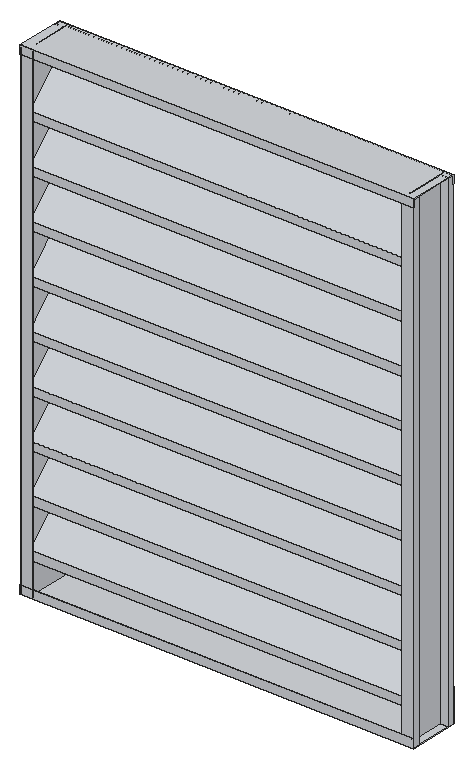
Revit family "SFL-6", category Mechanical Equipment, Revit 2015
Parameters
  URL = "https://unitedenertech.com/catalog/pdf/A_15%20SFL-6.pdf"
  Type Comments = "Max. Single Section Size is (96\"w x 72\"h)"
  Model = "SFL-6"
  Manufacturer = "United Enertech Corporation"
  Exact Width = 4' - 0"
  Exact Height = 5' - 0"
  Description = "6\" Fixed Steel Louver"
  Depth = 0' - 6.0956"
  Blade Spacing [instance] = 0' - 6"
  Blade Number [instance] = (Exact Height - 0' 6") / Blade Spacing  # 9
  BW [instance] = Exact Width - 0' 2 1/8"  # 3' - 9 7/8"
Reference planes (in)
  plane 1 "Center (Front/Back)": y = 0
  plane 2: z = 0
  plane 3 "Center (Left/Right)": x = 0
  plane 4: z = 30
  plane 5: z = 60
  plane 6: x = -24
  plane 7: x = 24
  plane 8: y = -6.0956
  plane 9: z = 0.0478
  plane 10: z = 59.9522
  plane 11: y = -6.0478
  plane 12: y = -6
Forms (in)
  Extrusion 1, solid
    sketch origin (46.49861, -55.54641, -15.25452) x (0, 1, 0) y (0, 0, 1)
      loop
        line (49.49861, 16.25452) -> (49.45081, 16.25452) -> (49.45081, 15.25452) -> (55.54641, 15.25452) -> (55.54641, 19.25452) -> (55.49861, 19.25452) -> (55.49861, 15.30232) -> (49.49861, 15.30232) -> (49.49861, 16.25452)
    from -70.49861 to -22.49861
  Extrusion 2, solid
    sketch origin (0, -23.64343, 27.14987) x (0, 1, 0) y (0, 0, 1)
      loop
        line (23.59563, 31.85013) -> (23.64343, 31.85013) -> (23.64343, 32.85013) -> (17.54783, 32.85013) -> (17.54783, 31.85013) -> (17.59563, 31.85013) -> (17.59563, 32.80233) -> (23.59563, 32.80233) -> (23.59563, 31.85013)
    from -24 to 24
  Extrusion 3, solid
    sketch origin (-47.18611, -18.38058, 0) x (1, 0, 0) y (0, 1, 0)
      loop
        line (24.68611, 12.33278) -> (24.68611, 12.38058) -> (23.23391, 12.38058) -> (23.23391, 13.03498) -> (24.23391, 13.03498) -> (24.23391, 17.63058) -> (23.23391, 17.63058) -> (23.23391, 18.28498) -> (24.68611, 18.28498) -> (24.68611, 18.33278) -> (23.18611, 18.33278) -> (23.18611, 17.58278) -> (24.18611, 17.58278) -> (24.18611, 13.08278) -> (23.18611, 13.08278) -> (23.18611, 12.33278) -> (24.68611, 12.33278)
    from 0.0478 to 59.9522
  Extrusion 4, solid
    sketch origin (47.18611, -18.38058, 0) x (-1, 0, 0) y (0, -1, 0)
      loop
        line (24.68611, -12.33278) -> (23.18611, -12.33278) -> (23.18611, -13.08278) -> (24.18611, -13.08278) -> (24.18611, -17.58278) -> (23.18611, -17.58278) -> (23.18611, -18.33278) -> (24.68611, -18.33278) -> (24.68611, -18.28498) -> (23.23391, -18.28498) -> (23.23391, -17.63058) -> (24.23391, -17.63058) -> (24.23391, -13.03498) -> (23.23391, -13.03498) -> (23.23391, -12.38058) -> (24.68611, -12.38058) -> (24.68611, -12.33278)
    from 0.0478 to 59.9522
Dimensions and locks (in)
  equal spacing: plane 5, plane 4, level
  "Exact Height": plane 5 to level
  equal spacing: plane 6, plane 3 "Center (Left/Right)", plane 7
  "Exact Width": plane 6 to plane 7
  "Depth": plane 8 to plane 1 "Center (Front/Back)"
  locked: plane 9 to level at 0.0478
  locked: plane 5 to plane 10 at 0.0478
  locked: plane 8 to plane 11 at 0.0478
  locked: plane 8 to plane 12 at 0.0956
  equal spacing: group 1, group 2, group 3, group 4, group 5, group 6, group 7, group 8, group 9  (x2)
  equal spacing: group 9, group 8, group 7, group 6, group 5, group 4, group 3, group 2, group 1
  "Blade Spacing": nested 2 to nested 1
  aligned and locked: level to plane 2
  aligned and locked: plane 6 to Extrusion 1
  aligned and locked: plane 7 to Extrusion 1
  aligned and locked: plane 5 to Extrusion 2
  aligned and locked: plane 6 to Extrusion 2
  aligned and locked: plane 7 to Extrusion 2
  aligned and locked: plane 6 to Extrusion 3
  aligned and locked: plane 7 to Extrusion 4
  aligned and locked: Extrusion 4 to plane 9
  aligned and locked: Extrusion 3 to plane 9
  aligned and locked: plane 10 to Extrusion 3
  aligned and locked: plane 10 to Extrusion 4
  aligned and locked: plane 3 "Center (Left/Right)" to nested 1
  aligned and locked: plane 10 to nested 1
  aligned and locked: plane 12 to nested 1
  aligned and locked: nested 2 to nested 1
Automatic sketch dimensions
  Extrusion 1 sketch curve to plane 8 = 0' - 0"
  Extrusion 1 sketch curve to plane 11 = 0' - 0"
  plane 9 to Extrusion 1 sketch curve = 0' - 0"
  Extrusion 1 sketch curve to level = 0' - 0"
  Extrusion 1 sketch curve to plane 1 "Center (Front/Back)" = 0' - 0"
  plane 1 "Center (Front/Back)" to Extrusion 1 sketch curve = 0' - 0.0478"
  plane 9 to Extrusion 1 sketch curve = 0' - 0.9522"
  plane 9 to Extrusion 1 sketch curve = 0' - 3.9522"
  Extrusion 2 sketch curve to plane 5 = 0' - 0"
  Extrusion 2 sketch curve to plane 8 = 0' - 0"
  Extrusion 2 sketch curve to plane 10 = 0' - 0"
  Extrusion 2 sketch curve to plane 11 = 0' - 0"
  Extrusion 2 sketch curve to plane 1 "Center (Front/Back)" = 0' - 0"
  Extrusion 2 sketch curve to Extrusion 2 sketch curve = 0' - 0.0478"
  Extrusion 2 sketch curve to plane 10 = 0' - 0.9522"  (x2)
  Extrusion 3 sketch curve to plane 6 = 0' - 0"  (x2)
  plane 11 to Extrusion 3 sketch curve = 0' - 0"
  Extrusion 3 sketch curve to plane 6 = 0' - 0.0478"  (x2)
  Extrusion 3 sketch curve to Extrusion 3 sketch curve = 0' - 0.9522"
  Extrusion 3 sketch curve to Extrusion 3 sketch curve = 0' - 0.0478"  (x5)
  plane 1 "Center (Front/Back)" to Extrusion 3 sketch curve = 0' - 0.0478"
  Extrusion 3 sketch curve to Extrusion 3 sketch curve = 0' - 0.4522"  (x2)
  Extrusion 3 sketch curve to plane 11 = 0' - 0.7022"
  plane 1 "Center (Front/Back)" to Extrusion 3 sketch curve = 0' - 0.7978"
  Extrusion 4 sketch curve to plane 7 = 0' - 0"  (x2)
  plane 11 to Extrusion 4 sketch curve = 0' - 0"
  plane 7 to Extrusion 4 sketch curve = 0' - 0.0478"  (x2)
  Extrusion 4 sketch curve to Extrusion 4 sketch curve = 0' - 0.9522"
  Extrusion 4 sketch curve to Extrusion 4 sketch curve = 0' - 0.0478"  (x5)
  Extrusion 4 sketch curve to plane 1 "Center (Front/Back)" = 0' - 0.0478"
  Extrusion 4 sketch curve to Extrusion 4 sketch curve = 0' - 0.4522"  (x2)
  plane 11 to Extrusion 4 sketch curve = 0' - 0.7022"
  Extrusion 4 sketch curve to plane 1 "Center (Front/Back)" = 0' - 0.7978"
Nested families (in)
  nested 1: "Blade" at (0, 2.8387, 49.95698), type "Blade"
    with BW 3' - 9 7/8"
  nested 2: "Blade" at (0, 2.8387, 43.95698), type "Blade"
    with BW 3' - 9 7/8"
  nested 3: "Blade" at (0, 2.8387, 37.95698), type "Blade"
    with BW 3' - 9 7/8"
  nested 4: "Blade" at (0, 2.8387, 31.95698), type "Blade"
    with BW 3' - 9 7/8"
  nested 5: "Blade" at (0, 2.8387, 25.95698), type "Blade"
    with BW 3' - 9 7/8"
  nested 6: "Blade" at (0, 2.8387, 19.95698), type "Blade"
    with BW 3' - 9 7/8"
  nested 7: "Blade" at (0, 2.8387, 13.95698), type "Blade"
    with BW 3' - 9 7/8"
  nested 8: "Blade" at (0, 2.8387, 7.95698), type "Blade"
    with BW 3' - 9 7/8"
  nested 9: "Blade" at (0, 2.8387, 1.95698), type "Blade"
    with BW 3' - 9 7/8"
Definition of nested family "Blade"
  Parameters (values of type "Blade")
    BW = 4' - 0"
  Reference planes (in)
    plane 1 "Center (Front/Back)": y = 0
    plane 2: z = 0
    plane 3 "Center (Left/Right)": x = 0
    plane 4: x = -24
    plane 5: x = 24
  Forms (in)
    Extrusion 1, solid
      sketch origin (0, 0, 0) x (0, 1, 0) y (0, 0, 1)
        loop
          line (-8.4637, 2.15842) -> (-8.4637, 2.20622) -> (-8.7909, 2.20622) -> (-8.7909, 3.13862) -> (-2.9343, 8.99522) -> (-2.9343, 9.99522) -> (-3.3093, 9.99522) -> (-3.3093, 9.94742) -> (-2.9821, 9.94742) -> (-2.9821, 9.01502) -> (-8.8387, 3.15842) -> (-8.8387, 2.15842) -> (-8.4637, 2.15842)
      from -24 to 24
  Dimensions and locks (in)
    equal spacing: plane 5, plane 3 "Center (Left/Right)", plane 4
    "BW": plane 5 to plane 4
    aligned and locked: level to plane 2
    aligned and locked: plane 5 to Extrusion 1
    aligned and locked: Extrusion 1 to plane 4
  Automatic sketch dimensions
    level to Extrusion 1 sketch curve = 0' - 2.15842"
    plane 1 "Center (Front/Back)" to Extrusion 1 sketch curve = 0' - 8.8387"
    Extrusion 1 sketch curve to Extrusion 1 sketch curve = 0' - 0.0478"  (x4)
    Extrusion 1 sketch curve to Extrusion 1 sketch curve = 0' - 0.3272"  (x2)
    plane 1 "Center (Front/Back)" to Extrusion 1 sketch curve = 0' - 3.3093"
    Extrusion 1 sketch curve to Extrusion 1 sketch curve = 0' - 0.9324"  (x2)
    Extrusion 1 sketch curve to Extrusion 1 sketch curve = 0' - 0.0198"  (x2)
    Extrusion 1 sketch curve to Extrusion 1 sketch curve = 0' - 5.8566"
